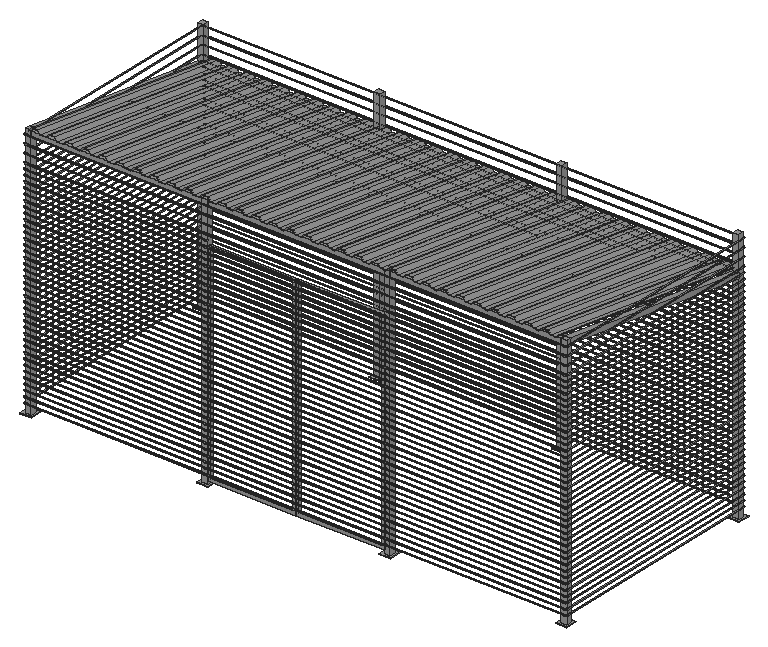
Revit family "31790 Контейнерная площадка для ТБО «Сплит» без хозблока Хоббика", category Антураж, Revit 2018 (continued)
Definition of nested family "3179 Контейнерная площадка для ТБО «Сплит» без хозблока Хоббика В 9,47 м"
  Forms (mm)
    Extrusion 7, solid, material <- "Цвет каркаса"
      sketch origin (0, 0, 0) x (0, 1, 0) y (0, 0, 1)
        loop
          circle (1980, 980) r 5
        loop
          circle (1980, 1030) r 5
        loop
          circle (1980, 1080) r 5
        loop
          circle (1980, 1130) r 5
        loop
          circle (1980, 1180) r 5
        loop
          circle (1980, 1230) r 5
        loop
          circle (1980, 1280) r 5
        loop
          circle (1980, 1330) r 5
        loop
          circle (1980, 1380) r 5
        loop
          circle (1980, 1430) r 5
        loop
          circle (1980, 1480) r 5
        loop
          circle (1980, 1530) r 5
        loop
          circle (1980, 1580) r 5
        loop
          circle (1980, 1630) r 5
        loop
          circle (1980, 1680) r 5
        loop
          circle (1980, 1730) r 5
        loop
          circle (1980, 1780) r 5
        loop
          circle (1980, 1830) r 5
        loop
          circle (1980, 1880) r 5
        loop
          circle (1980, 1930) r 5
        loop
          circle (1980, 1980) r 5
        loop
          circle (1980, 2055) r 5
        loop
          circle (1980, 2130) r 5
        loop
          circle (1980, 2205) r 5
      from 25 to 9445
    Extrusion 8, solid, material <- "Цвет каркаса"
      sketch origin (-1960, 2000, 0) x (1, 0, 0) y (0, 0, 1)
        loop
          circle (1980, 80) r 5
        loop
          circle (1980, 130) r 5
        loop
          circle (1980, 180) r 5
        loop
          circle (1980, 230) r 5
        loop
          circle (1980, 280) r 5
        loop
          circle (1980, 330) r 5
        loop
          circle (1980, 380) r 5
        loop
          circle (1980, 430) r 5
        loop
          circle (1980, 480) r 5
        loop
          circle (1980, 530) r 5
        loop
          circle (1980, 580) r 5
        loop
          circle (1980, 630) r 5
        loop
          circle (1980, 680) r 5
        loop
          circle (1980, 730) r 5
        loop
          circle (1980, 780) r 5
        loop
          circle (1980, 830) r 5
        loop
          circle (1980, 880) r 5
        loop
          circle (1980, 930) r 5
        loop
          circle (1980, 980) r 5
        loop
          circle (1980, 1030) r 5
        loop
          circle (1980, 1080) r 5
        loop
          circle (1980, 1130) r 5
        loop
          circle (1980, 1180) r 5
        loop
          circle (1980, 1230) r 5
        loop
          circle (1980, 1280) r 5
        loop
          circle (1980, 1330) r 5
        loop
          circle (1980, 1380) r 5
        loop
          circle (1980, 1430) r 5
        loop
          circle (1980, 1480) r 5
        loop
          circle (1980, 1530) r 5
        loop
          circle (1980, 1580) r 5
        loop
          circle (1980, 1630) r 5
        loop
          circle (1980, 1680) r 5
        loop
          circle (1980, 1730) r 5
        loop
          circle (1980, 1780) r 5
        loop
          circle (1980, 1830) r 5
        loop
          circle (1980, 1880) r 5
        loop
          circle (1980, 1930) r 5
        loop
          circle (1980, 1980) r 5
        loop
          circle (1980, 2055) r 5
        loop
          circle (1980, 2130) r 5
        loop
          circle (1980, 2205) r 5
      from 25 to 1975
    Extrusion 9, solid, material <- "Цвет каркаса"
      sketch origin (-280, 2000, 0) x (1, 0, 0) y (0, 0, 1)
        loop
          circle (9730, 1680) r 5
        loop
          circle (9730, 1730) r 5
        loop
          circle (9730, 1780) r 5
        loop
          circle (9730, 1830) r 5
        loop
          circle (9730, 1880) r 5
        loop
          circle (9730, 1930) r 5
        loop
          circle (9730, 1980) r 5
        loop
          circle (9730, 2055) r 5
        loop
          circle (9730, 2130) r 5
        loop
          circle (9730, 2205) r 5
        loop
          circle (9730, 1430) r 5
        loop
          circle (9730, 1480) r 5
        loop
          circle (9730, 1530) r 5
        loop
          circle (9730, 1580) r 5
        loop
          circle (9730, 1630) r 5
        loop
          circle (9730, 1180) r 5
        loop
          circle (9730, 1230) r 5
        loop
          circle (9730, 1280) r 5
        loop
          circle (9730, 1330) r 5
        loop
          circle (9730, 1380) r 5
        loop
          circle (9730, 930) r 5
        loop
          circle (9730, 980) r 5
        loop
          circle (9730, 1030) r 5
        loop
          circle (9730, 1080) r 5
        loop
          circle (9730, 1130) r 5
        loop
          circle (9730, 680) r 5
        loop
          circle (9730, 730) r 5
        loop
          circle (9730, 780) r 5
        loop
          circle (9730, 830) r 5
        loop
          circle (9730, 880) r 5
        loop
          circle (9730, 430) r 5
        loop
          circle (9730, 480) r 5
        loop
          circle (9730, 530) r 5
        loop
          circle (9730, 580) r 5
        loop
          circle (9730, 630) r 5
        loop
          circle (9730, 180) r 5
        loop
          circle (9730, 230) r 5
        loop
          circle (9730, 280) r 5
        loop
          circle (9730, 330) r 5
        loop
          circle (9730, 380) r 5
        loop
          circle (9730, 80) r 5
        loop
          circle (9730, 130) r 5
      from 25 to 1975
    Extrusion 10, solid, material <- "Цвет каркаса"
      sketch origin (0, 0, 0) x (1, 0, 0) y (0, 0, 1)
        loop
          line (1919, 30.567) -> (2841, 30.567) -> (2841, 1891.892) -> (1919, 1891.892) -> (1919, 30.567)
        loop
          line (2816, 1866.892) -> (1944, 1866.892) -> (1944, 55.567) -> (2816, 55.567) -> (2816, 1866.892)
        loop
          line (5707, 30.567) -> (6629, 30.567) -> (6629, 1891.892) -> (5707, 1891.892) -> (5707, 30.567)
        loop
          line (6604, 1866.892) -> (5732, 1866.892) -> (5732, 55.567) -> (6604, 55.567) -> (6604, 1866.892)
      from -25 to -50
    Extrusion 11, solid, material <- "Цвет каркаса"
      sketch origin (0, -1960, 0) x (0, 1, 0) y (0, 0, 1)
        loop
          circle (1980, 1980) r 5
        loop
          circle (1980, 2055) r 5
        loop
          circle (1980, 2130) r 5
        loop
          circle (1980, 2205) r 5
      from 25 to 9445
    Extrusion 12, solid, material <- "Цвет каркаса"
      sketch origin (0, -1960, 0) x (0, 1, 0) y (0, 0, 1)
        loop
          circle (1980, 80) r 5
        loop
          circle (1980, 130) r 5
        loop
          circle (1980, 180) r 5
        loop
          circle (1980, 230) r 5
        loop
          circle (1980, 280) r 5
        loop
          circle (1980, 330) r 5
        loop
          circle (1980, 380) r 5
        loop
          circle (1980, 430) r 5
        loop
          circle (1980, 480) r 5
        loop
          circle (1980, 530) r 5
        loop
          circle (1980, 580) r 5
        loop
          circle (1980, 630) r 5
        loop
          circle (1980, 680) r 5
        loop
          circle (1980, 730) r 5
        loop
          circle (1980, 780) r 5
        loop
          circle (1980, 830) r 5
        loop
          circle (1980, 880) r 5
        loop
          circle (1980, 930) r 5
        loop
          circle (1980, 980) r 5
        loop
          circle (1980, 1030) r 5
        loop
          circle (1980, 1080) r 5
        loop
          circle (1980, 1130) r 5
        loop
          circle (1980, 1180) r 5
        loop
          circle (1980, 1230) r 5
        loop
          circle (1980, 1280) r 5
        loop
          circle (1980, 1330) r 5
        loop
          circle (1980, 1380) r 5
        loop
          circle (1980, 1430) r 5
        loop
          circle (1980, 1480) r 5
        loop
          circle (1980, 1530) r 5
        loop
          circle (1980, 1580) r 5
        loop
          circle (1980, 1630) r 5
        loop
          circle (1980, 1680) r 5
        loop
          circle (1980, 1730) r 5
        loop
          circle (1980, 1780) r 5
        loop
          circle (1980, 1830) r 5
        loop
          circle (1980, 1880) r 5
      from 1919 to 2841
    Extrusion 13, solid, material <- "Цвет каркаса"
      sketch origin (0, -1960, 0) x (0, 1, 0) y (0, 0, 1)
        loop
          circle (1980, 80) r 5
        loop
          circle (1980, 130) r 5
        loop
          circle (1980, 180) r 5
        loop
          circle (1980, 230) r 5
        loop
          circle (1980, 280) r 5
        loop
          circle (1980, 330) r 5
        loop
          circle (1980, 380) r 5
        loop
          circle (1980, 430) r 5
        loop
          circle (1980, 480) r 5
        loop
          circle (1980, 530) r 5
        loop
          circle (1980, 580) r 5
        loop
          circle (1980, 630) r 5
        loop
          circle (1980, 680) r 5
        loop
          circle (1980, 730) r 5
        loop
          circle (1980, 780) r 5
        loop
          circle (1980, 830) r 5
        loop
          circle (1980, 880) r 5
        loop
          circle (1980, 930) r 5
        loop
          circle (1980, 980) r 5
        loop
          circle (1980, 1030) r 5
        loop
          circle (1980, 1080) r 5
        loop
          circle (1980, 1130) r 5
        loop
          circle (1980, 1180) r 5
        loop
          circle (1980, 1230) r 5
        loop
          circle (1980, 1280) r 5
        loop
          circle (1980, 1330) r 5
        loop
          circle (1980, 1380) r 5
        loop
          circle (1980, 1430) r 5
        loop
          circle (1980, 1480) r 5
        loop
          circle (1980, 1530) r 5
        loop
          circle (1980, 1580) r 5
        loop
          circle (1980, 1630) r 5
        loop
          circle (1980, 1680) r 5
        loop
          circle (1980, 1730) r 5
        loop
          circle (1980, 1780) r 5
        loop
          circle (1980, 1830) r 5
        loop
          circle (1980, 1880) r 5
        loop
          circle (1980, 1930) r 5
      from 25 to 1919
    Extrusion 14, solid, material <- "Цвет каркаса"
      sketch origin (0, -1960, 0) x (0, 1, 0) y (0, 0, 1)
        loop
          circle (1980, 80) r 5
        loop
          circle (1980, 130) r 5
        loop
          circle (1980, 180) r 5
        loop
          circle (1980, 230) r 5
        loop
          circle (1980, 280) r 5
        loop
          circle (1980, 330) r 5
        loop
          circle (1980, 380) r 5
        loop
          circle (1980, 430) r 5
        loop
          circle (1980, 480) r 5
        loop
          circle (1980, 530) r 5
        loop
          circle (1980, 580) r 5
        loop
          circle (1980, 630) r 5
        loop
          circle (1980, 680) r 5
        loop
          circle (1980, 730) r 5
        loop
          circle (1980, 780) r 5
        loop
          circle (1980, 830) r 5
        loop
          circle (1980, 880) r 5
        loop
          circle (1980, 930) r 5
        loop
          circle (1980, 980) r 5
        loop
          circle (1980, 1030) r 5
        loop
          circle (1980, 1080) r 5
        loop
          circle (1980, 1130) r 5
        loop
          circle (1980, 1180) r 5
        loop
          circle (1980, 1230) r 5
        loop
          circle (1980, 1280) r 5
        loop
          circle (1980, 1330) r 5
        loop
          circle (1980, 1380) r 5
        loop
          circle (1980, 1430) r 5
        loop
          circle (1980, 1480) r 5
        loop
          circle (1980, 1530) r 5
        loop
          circle (1980, 1580) r 5
        loop
          circle (1980, 1630) r 5
        loop
          circle (1980, 1680) r 5
        loop
          circle (1980, 1730) r 5
        loop
          circle (1980, 1780) r 5
        loop
          circle (1980, 1830) r 5
        loop
          circle (1980, 1880) r 5
        loop
          circle (1980, 1930) r 5
      from 7551 to 9445
    Extrusion 15, solid, material <- "Цвет каркаса"
      sketch origin (0, 0, 50) x (0, 1, 0) y (0, 0, 1)
        loop
          line (75, 2200) -> (75, 2149.347) -> (1925, 1849.347) -> (1925, 1900) -> (75, 2200)
      from 5657 to 5707
    Extrusion 16, solid, material <- "Цвет каркаса"
      sketch origin (0, 0, 50) x (0, 1, 0) y (0, 0, 1)
        loop
          line (75, 2200) -> (75, 2149.347) -> (1925, 1849.347) -> (1925, 1900) -> (75, 2200)
      from 1869 to 1919
    Extrusion 17, solid, material <- "Цвет каркаса"
      sketch origin (0, -1960, 0) x (0, 1, 0) y (0, 0, 1)
        loop
          circle (1980, 80) r 5
        loop
          circle (1980, 130) r 5
        loop
          circle (1980, 180) r 5
        loop
          circle (1980, 230) r 5
        loop
          circle (1980, 280) r 5
        loop
          circle (1980, 330) r 5
        loop
          circle (1980, 380) r 5
        loop
          circle (1980, 430) r 5
        loop
          circle (1980, 480) r 5
        loop
          circle (1980, 530) r 5
        loop
          circle (1980, 580) r 5
        loop
          circle (1980, 630) r 5
        loop
          circle (1980, 680) r 5
        loop
          circle (1980, 730) r 5
        loop
          circle (1980, 780) r 5
        loop
          circle (1980, 830) r 5
        loop
          circle (1980, 880) r 5
        loop
          circle (1980, 930) r 5
        loop
          circle (1980, 980) r 5
        loop
          circle (1980, 1030) r 5
        loop
          circle (1980, 1080) r 5
        loop
          circle (1980, 1130) r 5
        loop
          circle (1980, 1180) r 5
        loop
          circle (1980, 1230) r 5
        loop
          circle (1980, 1280) r 5
        loop
          circle (1980, 1330) r 5
        loop
          circle (1980, 1380) r 5
        loop
          circle (1980, 1430) r 5
        loop
          circle (1980, 1480) r 5
        loop
          circle (1980, 1530) r 5
        loop
          circle (1980, 1580) r 5
        loop
          circle (1980, 1630) r 5
        loop
          circle (1980, 1680) r 5
        loop
          circle (1980, 1730) r 5
        loop
          circle (1980, 1780) r 5
        loop
          circle (1980, 1830) r 5
        loop
          circle (1980, 1880) r 5
      from 2841 to 3763
    Extrusion 18, solid, material <- "Цвет каркаса"
      sketch origin (0, 0, 50) x (0, 1, 0) y (0, 0, 1)
        loop
          line (75, 2200) -> (75, 2149.347) -> (1925, 1849.347) -> (1925, 1900) -> (75, 2200)
      from 9395 to 9445
    Extrusion 19, solid, material <- "Цвет каркаса"
      sketch origin (0, -1960, 0) x (0, 1, 0) y (0, 0, 1)
        loop
          circle (1980, 80) r 5
        loop
          circle (1980, 130) r 5
        loop
          circle (1980, 180) r 5
        loop
          circle (1980, 230) r 5
        loop
          circle (1980, 280) r 5
        loop
          circle (1980, 330) r 5
        loop
          circle (1980, 380) r 5
        loop
          circle (1980, 430) r 5
        loop
          circle (1980, 480) r 5
        loop
          circle (1980, 530) r 5
        loop
          circle (1980, 580) r 5
        loop
          circle (1980, 630) r 5
        loop
          circle (1980, 680) r 5
        loop
          circle (1980, 730) r 5
        loop
          circle (1980, 780) r 5
        loop
          circle (1980, 830) r 5
        loop
          circle (1980, 880) r 5
        loop
          circle (1980, 930) r 5
        loop
          circle (1980, 980) r 5
        loop
          circle (1980, 1030) r 5
        loop
          circle (1980, 1080) r 5
        loop
          circle (1980, 1130) r 5
        loop
          circle (1980, 1180) r 5
        loop
          circle (1980, 1230) r 5
        loop
          circle (1980, 1280) r 5
        loop
          circle (1980, 1330) r 5
        loop
          circle (1980, 1380) r 5
        loop
          circle (1980, 1430) r 5
        loop
          circle (1980, 1480) r 5
        loop
          circle (1980, 1530) r 5
        loop
          circle (1980, 1580) r 5
        loop
          circle (1980, 1630) r 5
        loop
          circle (1980, 1680) r 5
        loop
          circle (1980, 1730) r 5
        loop
          circle (1980, 1780) r 5
        loop
          circle (1980, 1830) r 5
        loop
          circle (1980, 1880) r 5
      from 5707 to 6629
    Extrusion 20, solid, material <- "Цвет каркаса"
      sketch origin (0, -1960, 0) x (0, 1, 0) y (0, 0, 1)
        loop
          circle (1980, 80) r 5
        loop
          circle (1980, 130) r 5
        loop
          circle (1980, 180) r 5
        loop
          circle (1980, 230) r 5
        loop
          circle (1980, 280) r 5
        loop
          circle (1980, 330) r 5
        loop
          circle (1980, 380) r 5
        loop
          circle (1980, 430) r 5
        loop
          circle (1980, 480) r 5
        loop
          circle (1980, 530) r 5
        loop
          circle (1980, 580) r 5
        loop
          circle (1980, 630) r 5
        loop
          circle (1980, 680) r 5
        loop
          circle (1980, 730) r 5
        loop
          circle (1980, 780) r 5
        loop
          circle (1980, 830) r 5
        loop
          circle (1980, 880) r 5
        loop
          circle (1980, 930) r 5
        loop
          circle (1980, 980) r 5
        loop
          circle (1980, 1030) r 5
        loop
          circle (1980, 1080) r 5
        loop
          circle (1980, 1130) r 5
        loop
          circle (1980, 1180) r 5
        loop
          circle (1980, 1230) r 5
        loop
          circle (1980, 1280) r 5
        loop
          circle (1980, 1330) r 5
        loop
          circle (1980, 1380) r 5
        loop
          circle (1980, 1430) r 5
        loop
          circle (1980, 1480) r 5
        loop
          circle (1980, 1530) r 5
        loop
          circle (1980, 1580) r 5
        loop
          circle (1980, 1630) r 5
        loop
          circle (1980, 1680) r 5
        loop
          circle (1980, 1730) r 5
        loop
          circle (1980, 1780) r 5
        loop
          circle (1980, 1830) r 5
        loop
          circle (1980, 1880) r 5
      from 6629 to 7551
    Extrusion 21, solid, material <- "Цвет каркаса"
      sketch origin (0, -1960, 0) x (0, 1, 0) y (0, 0, 1)
        loop
          circle (1980, 80) r 5
        loop
          circle (1980, 130) r 5
        loop
          circle (1980, 180) r 5
        loop
          circle (1980, 230) r 5
        loop
          circle (1980, 280) r 5
        loop
          circle (1980, 330) r 5
        loop
          circle (1980, 380) r 5
        loop
          circle (1980, 430) r 5
        loop
          circle (1980, 480) r 5
        loop
          circle (1980, 530) r 5
        loop
          circle (1980, 580) r 5
        loop
          circle (1980, 630) r 5
        loop
          circle (1980, 680) r 5
        loop
          circle (1980, 730) r 5
        loop
          circle (1980, 780) r 5
        loop
          circle (1980, 830) r 5
        loop
          circle (1980, 880) r 5
        loop
          circle (1980, 930) r 5
        loop
          circle (1980, 980) r 5
        loop
          circle (1980, 1030) r 5
        loop
          circle (1980, 1080) r 5
        loop
          circle (1980, 1130) r 5
        loop
          circle (1980, 1180) r 5
        loop
          circle (1980, 1230) r 5
        loop
          circle (1980, 1280) r 5
        loop
          circle (1980, 1330) r 5
        loop
          circle (1980, 1380) r 5
        loop
          circle (1980, 1430) r 5
        loop
          circle (1980, 1480) r 5
        loop
          circle (1980, 1530) r 5
        loop
          circle (1980, 1580) r 5
        loop
          circle (1980, 1630) r 5
        loop
          circle (1980, 1680) r 5
        loop
          circle (1980, 1730) r 5
        loop
          circle (1980, 1780) r 5
        loop
          circle (1980, 1830) r 5
        loop
          circle (1980, 1880) r 5
        loop
          circle (1980, 1930) r 5
      from 3813 to 5707
    Extrusion 22, solid, material <- "Цвет каркаса"
      sketch origin (0, 0, 50) x (0, 1, 0) y (0, 0, 1)
        loop
          line (75, 2200) -> (75, 2149.347) -> (1925, 1849.347) -> (1925, 1900) -> (75, 2200)
      from 3763 to 3813
    Extrusion 23, solid, material <- "Цвет каркаса"
      sketch origin (922, 0, 0) x (1, 0, 0) y (0, 0, 1)
        loop
          line (1919, 30.567) -> (2841, 30.567) -> (2841, 1891.892) -> (1919, 1891.892) -> (1919, 30.567)
        loop
          line (2816, 1866.892) -> (1944, 1866.892) -> (1944, 55.567) -> (2816, 55.567) -> (2816, 1866.892)
        loop
          line (5707, 30.567) -> (6629, 30.567) -> (6629, 1891.892) -> (5707, 1891.892) -> (5707, 30.567)
        loop
          line (6604, 1866.892) -> (5732, 1866.892) -> (5732, 55.567) -> (6604, 55.567) -> (6604, 1866.892)
      from -25 to -50
  Dimensions and locks
    "Длина": plane 3 "По центру (Влево/Вправо)" to plane 4
    "Ширина": plane 5 to plane 1 "По центру (Вперед/Назад)"
    "Height": plane 6 to plane 2
    aligned and locked: level to plane 2
  Automatic sketch dimensions
    Extrusion 1 sketch curve to plane 3 "По центру (Влево/Вправо)" = 0 mm  (x2)
    plane 1 "По центру (Вперед/Назад)" to Extrusion 1 sketch curve = 0 mm  (x6)
    Extrusion 1 sketch curve to plane 5 = 0 mm  (x5)
    plane 5 to Extrusion 1 sketch curve = 0 mm
    Extrusion 1 sketch curve to plane 4 = 0 mm  (x2)
    plane 3 "По центру (Влево/Вправо)" to Extrusion 1 sketch curve = 100 mm  (x2)
    Extrusion 1 sketch curve to plane 1 "По центру (Вперед/Назад)" = 100 mm  (x5)
    Extrusion 1 sketch curve to Extrusion 1 sketch curve = 1744 mm  (x2)
    Extrusion 1 sketch curve to plane 5 = 100 mm  (x6)
    Extrusion 1 sketch curve to Extrusion 1 sketch curve = 100 mm  (x10)
    Extrusion 1 sketch curve to Extrusion 1 sketch curve = 1794 mm  (x6)
    Extrusion 1 sketch curve to plane 4 = 100 mm
    plane 3 "По центру (Влево/Вправо)" to Extrusion 2 sketch curve = 25 mm  (x2)
    Extrusion 2 sketch curve to plane 5 = 25 mm  (x6)
    Extrusion 2 sketch curve to Extrusion 2 sketch curve = 50 mm  (x21)
    Extrusion 2 sketch curve to Extrusion 2 sketch curve = 1794 mm  (x2)
    Extrusion 2 sketch curve to plane 1 "По центру (Вперед/Назад)" = 75 mm
    Extrusion 2 sketch curve to plane 1 "По центру (Вперед/Назад)" = 25 mm  (x6)
    Extrusion 2 sketch curve to Extrusion 2 sketch curve = 1844 mm  (x6)
    Extrusion 2 sketch curve to plane 4 = 75 mm  (x2)
    Extrusion 2 sketch curve to plane 4 = 25 mm  (x2)
    Extrusion 3 sketch curve to plane 6 = 0 mm
    Extrusion 3 sketch curve to plane 1 "По центру (Вперед/Назад)" = 75 mm
    Extrusion 3 sketch curve to plane 5 = 75 mm
    Extrusion 3 sketch curve to Extrusion 3 sketch curve = 50.653 mm  (x2)
    Extrusion 3 sketch curve to plane 6 = 300 mm
    Extrusion 4 sketch curve to plane 6 = 0 mm
    Extrusion 4 sketch curve to plane 1 "По центру (Вперед/Назад)" = 75 mm
    Extrusion 4 sketch curve to plane 5 = 75 mm
    Extrusion 4 sketch curve to Extrusion 4 sketch curve = 50.653 mm  (x2)
    Extrusion 4 sketch curve to plane 6 = 300 mm
    Extrusion 6 sketch curve to plane 6 = 0 mm
    Extrusion 6 sketch curve to plane 1 "По центру (Вперед/Назад)" = 25 mm
    Extrusion 6 sketch curve to Extrusion 6 sketch curve = 50 mm  (x4)
    Extrusion 6 sketch curve to plane 6 = 196.599 mm
    Extrusion 6 sketch curve to Extrusion 6 sketch curve = 900 mm
    Extrusion 6 sketch curve to plane 5 = 75 mm
    Extrusion 6 sketch curve to plane 5 = 25 mm
    Extrusion 6 sketch curve to Extrusion 6 sketch curve = 8.108 mm  (x2)
    Extrusion 6 sketch curve to plane 6 = 308.108 mm
    Extrusion 6 sketch curve to Extrusion 6 sketch curve = 50.653 mm
    Extrusion 7 sketch curve to plane 5 = 20 mm  (x42)
    level to Extrusion 7 sketch curve = 80 mm
    Extrusion 7 sketch curve to Extrusion 7 sketch curve = 50 mm  (x38)
    Extrusion 7 sketch curve to Extrusion 7 sketch curve = 75 mm  (x2)
    Extrusion 7 sketch curve to plane 6 = 45 mm
    plane 3 "По центру (Влево/Вправо)" to Extrusion 8 sketch curve = 20 mm  (x42)
    level to Extrusion 8 sketch curve = 80 mm
    Extrusion 8 sketch curve to Extrusion 8 sketch curve = 50 mm  (x38)
    Extrusion 8 sketch curve to Extrusion 8 sketch curve = 75 mm  (x2)
    Extrusion 8 sketch curve to plane 6 = 45 mm
    Extrusion 9 sketch curve to plane 4 = 20 mm  (x42)
    level to Extrusion 9 sketch curve = 80 mm
    Extrusion 9 sketch curve to Extrusion 9 sketch curve = 50 mm  (x38)
    Extrusion 9 sketch curve to Extrusion 9 sketch curve = 75 mm  (x2)
    Extrusion 9 sketch curve to plane 6 = 45 mm
    level to Extrusion 10 sketch curve = 30.567 mm  (x2)
    plane 3 "По центру (Влево/Вправо)" to Extrusion 10 sketch curve = 1919 mm
    Extrusion 10 sketch curve to Extrusion 10 sketch curve = 25 mm  (x8)
    Extrusion 10 sketch curve to plane 6 = 383.108 mm  (x2)
    Extrusion 10 sketch curve to Extrusion 10 sketch curve = 872 mm  (x2)
    Extrusion 10 sketch curve to Extrusion 10 sketch curve = 2866 mm
    Extrusion 11 sketch curve to plane 1 "По центру (Вперед/Назад)" = 20 mm  (x4)
    Extrusion 11 sketch curve to plane 6 = 270 mm
    Extrusion 11 sketch curve to Extrusion 11 sketch curve = 75 mm  (x2)
    Extrusion 11 sketch curve to plane 6 = 45 mm
    Extrusion 12 sketch curve to plane 1 "По центру (Вперед/Назад)" = 20 mm  (x37)
    level to Extrusion 12 sketch curve = 80 mm
    Extrusion 12 sketch curve to Extrusion 12 sketch curve = 50 mm  (x36)
    Extrusion 13 sketch curve to plane 1 "По центру (Вперед/Назад)" = 20 mm  (x38)
    level to Extrusion 13 sketch curve = 80 mm
    Extrusion 13 sketch curve to Extrusion 13 sketch curve = 50 mm  (x37)
    Extrusion 14 sketch curve to plane 1 "По центру (Вперед/Назад)" = 20 mm  (x38)
    level to Extrusion 14 sketch curve = 80 mm
    Extrusion 14 sketch curve to Extrusion 14 sketch curve = 50 mm  (x37)
    Extrusion 15 sketch curve to plane 6 = 0 mm
    Extrusion 15 sketch curve to plane 1 "По центру (Вперед/Назад)" = 75 mm
    Extrusion 15 sketch curve to plane 5 = 75 mm
    Extrusion 15 sketch curve to Extrusion 15 sketch curve = 50.653 mm  (x2)
    Extrusion 15 sketch curve to plane 6 = 300 mm
    Extrusion 16 sketch curve to plane 6 = 0 mm
    Extrusion 16 sketch curve to plane 1 "По центру (Вперед/Назад)" = 75 mm
    Extrusion 16 sketch curve to plane 5 = 75 mm
    Extrusion 16 sketch curve to Extrusion 16 sketch curve = 50.653 mm  (x2)
    Extrusion 16 sketch curve to plane 6 = 300 mm
    Extrusion 17 sketch curve to plane 1 "По центру (Вперед/Назад)" = 20 mm  (x37)
    level to Extrusion 17 sketch curve = 80 mm
    Extrusion 17 sketch curve to Extrusion 17 sketch curve = 50 mm  (x36)
    Extrusion 18 sketch curve to plane 6 = 0 mm
    Extrusion 18 sketch curve to plane 1 "По центру (Вперед/Назад)" = 75 mm
    Extrusion 18 sketch curve to plane 5 = 75 mm
    Extrusion 18 sketch curve to Extrusion 18 sketch curve = 50.653 mm  (x2)
    Extrusion 18 sketch curve to plane 6 = 300 mm
    Extrusion 19 sketch curve to plane 1 "По центру (Вперед/Назад)" = 20 mm  (x37)
    level to Extrusion 19 sketch curve = 80 mm
    Extrusion 19 sketch curve to Extrusion 19 sketch curve = 50 mm  (x36)
    Extrusion 20 sketch curve to plane 1 "По центру (Вперед/Назад)" = 20 mm  (x37)
    level to Extrusion 20 sketch curve = 80 mm
    Extrusion 20 sketch curve to Extrusion 20 sketch curve = 50 mm  (x36)
    Extrusion 21 sketch curve to plane 1 "По центру (Вперед/Назад)" = 20 mm  (x38)
    level to Extrusion 21 sketch curve = 80 mm
    Extrusion 21 sketch curve to Extrusion 21 sketch curve = 50 mm  (x37)
    Extrusion 22 sketch curve to plane 6 = 0 mm
    Extrusion 22 sketch curve to plane 1 "По центру (Вперед/Назад)" = 75 mm
    Extrusion 22 sketch curve to plane 5 = 75 mm
    Extrusion 22 sketch curve to Extrusion 22 sketch curve = 50.653 mm  (x2)
    Extrusion 22 sketch curve to plane 6 = 300 mm
    level to Extrusion 23 sketch curve = 30.567 mm  (x2)
    plane 3 "По центру (Влево/Вправо)" to Extrusion 23 sketch curve = 2841 mm
    Extrusion 23 sketch curve to Extrusion 23 sketch curve = 25 mm  (x8)
    Extrusion 23 sketch curve to plane 6 = 383.108 mm  (x2)
    Extrusion 23 sketch curve to Extrusion 23 sketch curve = 872 mm  (x2)
    Extrusion 23 sketch curve to plane 4 = 2841 mm
    plane 3 "По центру (Влево/Вправо)" to Extrusion 5 sketch curve = 75 mm
    Extrusion 5 sketch curve to Extrusion 5 sketch curve = 0.707 mm  (x2)
    Extrusion 5 sketch curve to Extrusion 5 sketch curve = 25 mm  (x124)
    Extrusion 5 sketch curve to Extrusion 5 sketch curve = 0.414 mm  (x248)
    Extrusion 5 sketch curve to Extrusion 5 sketch curve = 49.172 mm  (x62)
    Extrusion 5 sketch curve to Extrusion 5 sketch curve = 50 mm  (x62)
    Extrusion 5 sketch curve to Extrusion 5 sketch curve = 20 mm
    Extrusion 5 sketch curve to Extrusion 5 sketch curve = 0 mm  (x61)
    Extrusion 5 sketch curve to Extrusion 5 sketch curve = 0.293 mm
    Extrusion 5 sketch curve to Extrusion 5 sketch curve = 1 mm  (x123)
    Extrusion 5 sketch curve to Extrusion 5 sketch curve = 24 mm  (x61)
    Extrusion 5 sketch curve to Extrusion 5 sketch curve = 18.586 mm
    Extrusion 5 sketch curve to Extrusion 5 sketch curve = 1.414 mm
    radius of Extrusion 7 sketch curve = 5 mm  (x42)
    radius of Extrusion 8 sketch curve = 5 mm  (x42)
    radius of Extrusion 9 sketch curve = 5 mm  (x42)
    radius of Extrusion 11 sketch curve = 5 mm  (x4)
    radius of Extrusion 12 sketch curve = 5 mm  (x37)
    radius of Extrusion 13 sketch curve = 5 mm  (x38)
    radius of Extrusion 14 sketch curve = 5 mm  (x38)
    radius of Extrusion 17 sketch curve = 5 mm  (x37)
    radius of Extrusion 19 sketch curve = 5 mm  (x37)
    radius of Extrusion 20 sketch curve = 5 mm  (x37)
    radius of Extrusion 21 sketch curve = 5 mm  (x38)
Types (7, lengths in mm): name | Описание | Длина | Версия 7,92 м | Версия 6,37 м | Версия 4,82 м | Версия 3,27 м | Версия 1,72 м
  (no name) | "Контейнерная площадка для ТБО «Сплит» без хозблока. Версия 4,82 м" | 4820 | no | no | yes | no | no
  Версия 1,72 м | "Контейнерная площадка для ТБО «Сплит» без хозблока. Версия 1,72 м" | 1720 | no | no | no | no | yes
  Версия 3,27 м | "Контейнерная площадка для ТБО «Сплит» без хозблока. Версия 3,27 м" | 3270 | no | no | no | yes | no
  Версия 4,82 м | "Контейнерная площадка для ТБО «Сплит» без хозблока. Версия 4,82 м" | 4820 | no | no | yes | no | no
  Версия 6,37 м | "Контейнерная площадка для ТБО «Сплит» без хозблока. Версия 6,37 м" | 6370 | no | yes | no | no | no
  Версия 7,92 м | "Контейнерная площадка для ТБО «Сплит» без хозблока. Версия 7,92 м" | 7920 | yes | no | no | no | no
  Версия 9,47 м | "Контейнерная площадка для ТБО «Сплит» без хозблока. Версия 9,47 м" | 9470 | no | no | no | no | no
